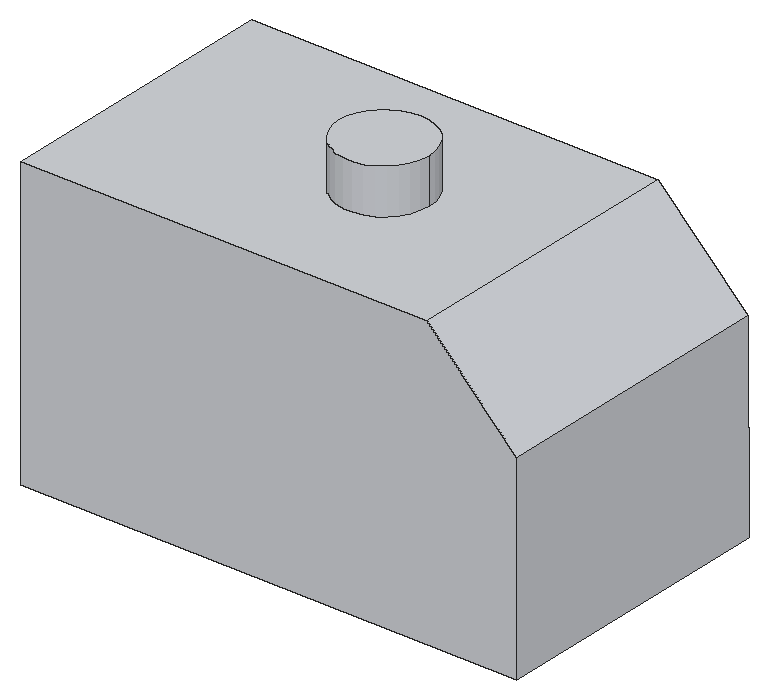
Revit family "2e590d77ef694da4a8330fea62474047", category Lighting Devices, Revit 2021
Family settings
  Maintain Annotation Orientation = No
  Round Connector Dimension = Use Diameter
  Part Type = Switch
  OmniClass Number = 23.85.80.11.27
  OmniClass Title = Lighting Controls
  Seek Item ID = Low Voltage Sensor Power Pack-0000-USA-ENU
  Work Plane-Based = No
  Always vertical = Yes
  Cut with Voids When Loaded = No
  Shared = No
  Room Calculation Point = No
Parameters (values of type "277 V")
  Sensor Voltage = 277 V
  Sensor Number of Poles = 1
  Pack Width = 0' - 1 77/128"
  Pack Length = 0' - 2 3/4"
  Pack Height = 0' - 1 77/128"
  Nipple Nominal Radius = 0' - 0 1/4"
  Nipple Nominal Diameter = Nipple Nominal Radius * 2  # 0' - 0 1/2"
  Material = none
  Load Classification = Other
  Default Elevation = 0' - 0"
  Apparent Load = 0 VA
Types (3): name | Sensor Voltage
  (no name) | 277 V
  120 V | 120 V
  277 V | 277 V
Reference planes (in)
  plane 1 "Center (Front/Back)": y = 0
  plane 2: z = 0
  plane 3 "Center (Left/Right)": x = 0
  plane 4: x = -1.375
  plane 5: x = 1.375
  plane 6: y = -1.60156
  plane 7: y = -0.80078
  plane 8: z = 1.60156
  plane 9: z = 1.85156
  plane 10: x = 0.875
  plane 11: z = 1.10156
Forms (in)
  Extrusion 1, solid, material <- "Material"
    sketch origin (0, 0, 0) x (1, 0, 0) y (0, 1, 0)
      loop
        circle (0, -0.80078) r 0.25
    from 1.60156 to 1.85156
  Extrusion 2, solid, material <- "Material"
    sketch origin (0, 0, 0) x (1, 0, 0) y (0, 0, 1)
      loop
        line (-1.375, 1.60156) -> (-1.375, 0) -> (1.375, 0) -> (1.375, 1.10156) -> (0.875, 1.60156) -> (-1.375, 1.60156)
    from 0 to 1.60156
Cuts and joins
  joined: Extrusion 1, Extrusion 2
Dimensions and locks (in)
  equal spacing: plane 4, plane 3 "Center (Left/Right)", plane 5
  "Pack Length": plane 4 to plane 5
  "Pack Width": plane 6 to plane 1 "Center (Front/Back)"
  equal spacing: plane 6, plane 7, plane 1 "Center (Front/Back)"
  "Pack Height": plane 8 to level
  locked: plane 8 to plane 11 at 0.5
  locked: plane 9 to plane 8 at 0.25
  locked: plane 5 to plane 10 at 0.5
  "Nipple Nominal Radius": radius of Extrusion 1 sketch curve
  aligned and locked: plane 7 to Extrusion 1 sketch curve
  aligned and locked: plane 3 "Center (Left/Right)" to Extrusion 1 sketch curve
  aligned and locked: Extrusion 2 sketch curve to plane 2
  aligned and locked: plane 5 to Extrusion 2 sketch curve  (x2)
  aligned and locked: Extrusion 2 sketch curve to plane 4
  aligned and locked: plane 8 to Extrusion 2 sketch curve
  aligned and locked: Extrusion 2 to plane 1 "Center (Front/Back)"
  aligned and locked: Extrusion 2 to plane 6
  aligned and locked: plane 9 to Extrusion 1
  aligned and locked: Extrusion 1 to plane 8
Automatic sketch dimensions
  Extrusion 2 sketch curve to plane 10 = 0' - 0"
  Extrusion 2 sketch curve to plane 11 = 0' - 0"
Connectors (in)
  electrical at (0, -0.80078, 1.85156), driven by "Apparent Load", driven by "Sensor Voltage", driven by "Sensor Number of Poles", driven by "Load Classification"
    settings: on Extrusion 1, index 1, voltage 277 V, apparent load 0 VA, apparent load phase1 0 VA, apparent load phase2 0 VA, apparent load phase3 0 VA, power factor 1, load classification "Other", number of poles 1, system type 31, power factor state 1, is connector primary yes, connector utility no, sub classification motor no, connector description ""
  electrical at (1.375, -0.80078, 0.55078)
    settings: on Extrusion 2, index 2, voltage 0 V, apparent load 0 VA, apparent load phase1 0 VA, apparent load phase2 0 VA, apparent load phase3 0 VA, power factor 1, load classification "Other", number of poles 1, system type 13, power factor state 1, is connector primary no, connector utility no, sub classification motor no, connector description ""
